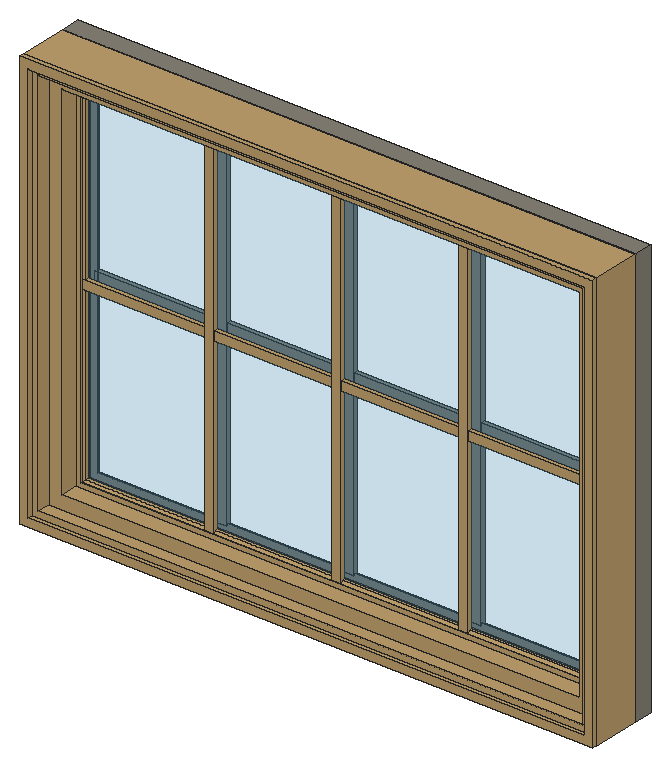
Revit family
Parameters (values of type "CUAWN4836")
  Window Type = "Clad Ultimate Awning Tripane"
  Vent Area = VO Width * VO Height  # 8.52221 SF
  VO Width = if(Width < 1' 8", Width - 0' 9 19/32", Width - 0' 7 7/64")  # 3' - 4 57/64"
  VO Height = Height - 0' 5 29/256"  # 2' - 6 3/256"
  URL = "www.marvin.com"
  Prairie Corner Width = 0' - 4"
  Prairie Corner Height = 0' - 4"
  Nominal Width = 4' - 0"
  Nominal Height = 3' - 0"
  Muntins Interior Material = Wood-Marvin-Pine
  Muntins Exterior Material = Aluminum-Marvin-Bronze
  Model = "CUAWN4836"
  Manufacturer = "Marvin Windows and Doors"
  Lites Wide Constraint = if(Nominal Width > 1' 4", Lites Wide, if(Lites Wide < 2, 1, 2))  # 4
  Lites Wide = 4
  Lites High Constraint = if(Nominal Height > 1' 4", Lites High, if(Lites High < 2, 1, 2))  # 2
  Lites High = 2
  Lite Cut Prairie 9 Constraint = if(and(Nominal Width > 1' 4", Nominal Height > 1' 4"), Lite Cut Prairie 9, 1 = 0)  # no
  Lite Cut Prairie 9 = no
  Lite Cut HV Grid = not(Lite Cut Prairie 9 Constraint)  # yes
  Label Visibility = no
  Interior Material = Wood-Marvin-Pine
  Glazing Material = Glass-Marvin-IG Low E II with Argon
  Glass Type = "IG Low E II with Argon - Tripane"
  Frame = "Aluminum Clad"
  Family created by = "www.rbuiltcomponents.com"
  Elev Swing Visibility [instance] = yes
  Rough Width = Width + 0' 1"  # 4' - 1"
  Rough Height = Height + 0' 0 1/2"  # 2' - 11 5/8"
  Muntins Interior Visibility = yes
  Muntins Exterior Visibility = yes
  Jamb Extension Visibility = yes
  Inset to Installation Flange [instance] = 0' - 1"
  Height = Nominal Height - 0' 0 7/8"  # 2' - 11 1/8"
  Design Pressure = "DP50"
  Description = "4836 AWNG"
  Default Head Height = 8' - 0"
  Wall Closure = (empty or 0)
  Width = Nominal Width  # 4' - 0"
  Daylight Area = DLO Width * DLO Height  # 8.58765 SF
  DLO Width = Width - 0' 5 13/16"  # 3' - 6 3/16"
  DLO Height = Height - 0' 5 13/16"  # 2' - 5 5/16"
  Cladding Material = Aluminum-Marvin-Bronze
  Assembly Code = ""
  Note To User = "All Lite Constraints Apply To Nominal Widths Or Heights < 1 - 6"  # constant formula
Reference planes (in)
  plane 1 "Center (Front/Back)": y = 0
  plane 2: z = 0
  plane 3 "Center (Left/Right)": x = -3
  plane 4 "Left": x = -27
  plane 5 "Right": x = 21
  plane 6 "Sill": z = 60.875
  plane 7 "Top": z = 96
  plane 8 "Inset": y = 2
  plane 9 "Glazing": y = 1.5
  plane 10 "Jamb Ext Face": y = -2.5625
  plane 11: z = 78.4375
  plane 12: y = -2.625
Forms (in)
  Sweep 1, solid, material "Aluminum-Marvin-Bronze" <- "Cladding Material"
    path origin (0, 1.5, 0) x (1, 0, 0) y (0, 0, 1)
      loop
        line (-27, 96) -> (-27, 60.875) -> (21, 60.875) -> (21, 96) -> (-27, 96)
    profile "Profile_Ext_Clad_Frame : Profile_Ext_Clad_Frame" origin (-27, 1.5, 78.4375) x (1, 0, 0) y (0, -1, 0)
      loop
        line (0, 0) -> (0, -1.59375) -> (0.52105, -1.59375) -> (0.60565, -0.38401) -> (2.696, -0.38401) -> (2.696, -0.2654) -> (2.896, -0.0654) -> (2.896, 0) -> (0, 0)
  Sweep 2, solid, material "Wood-Marvin-Pine" <- "Interior Material"
    path origin (0, 1.5, 0) x (1, 0, 0) y (0, 0, 1)
      loop
        line (-27, 96) -> (-27, 60.875) -> (21, 60.875) -> (21, 96) -> (-27, 96)
    profile "Profile_Int_Frame : Profile_Int_Frame" origin (-27, 1.5, 78.4375) x (1, 0, 0) y (0, -1, 0)
      loop
        line (0, 0) -> (2.208, 0) -> (2.208, 1.0035) -> (2.896, 1.0035) -> (2.896, 1.20016) -> (2.7085, 1.38766) -> (2.7085, 1.4875) -> (2.30184, 1.4875) -> (2.30184, 2.96164) -> (1.188, 2.96164) -> (1.188, 4.0625) -> (0, 4.0625) -> (0, 0)
  Extrusion 3, solid, material "Wood-Marvin-Pine" <- "Interior Material", visible <- "Jamb Extension Visibility", detail levels medium+fine
    sketch origin (0, -2.5625, 0) x (1, 0, 0) y (0, 0, 1)
      loop
        line (-27, 96) -> (-27, 60.875) -> (21, 60.875) -> (21, 96) -> (-27, 96)
      loop
        line (-26.3125, 61.5625) -> (20.3125, 61.5625) -> (20.3125, 95.3125) -> (-26.3125, 95.3125) -> (-26.3125, 61.5625)
    from 0.0625 to 0.4375
  Extrusion 4, solid, material "Glass-Marvin-IG Low E II with Argon" <- "Glazing Material"
    sketch origin (0, 1.5, 0) x (1, 0, 0) y (0, 0, 1)
      loop
        line (18.65625, 93.65625) -> (-24.65625, 93.65625) -> (-24.65625, 63.21875) -> (18.65625, 63.21875) -> (18.65625, 93.65625)
    from 0 to 0.125
  Extrusion 5, solid, material "Glass-Marvin-IG Low E II with Argon" <- "Glazing Material"
    sketch origin (0, 1.5, 0) x (1, 0, 0) y (0, 0, 1)
      loop
        line (18.65625, 93.65625) -> (-24.65625, 93.65625) -> (-24.65625, 63.21875) -> (18.65625, 63.21875) -> (18.65625, 93.65625)
    from 0.875 to 1
Lines and regions (in)
  Opening 1
    outline origin (-60, -3, 0) x (1, 0, 0) y (0, 0, 1)
      loop
        line (33, 96) -> (33, 60.875) -> (81, 60.875) -> (81, 96) -> (33, 96)
  Masking region 1
    outline origin (0, 0, 60.875) x (0, -1, 0) y (1, 0, 0)
      loop
        line (-3.09375, -27) -> (2.5625, -27) -> (2.5625, 21) -> (-3.09375, 21) -> (-3.09375, -27)
  Masking region 2
    outline origin (-3, 0, 0) x (0, 1, 0) y (0, 0, 1)
      loop
        line (3.09375, 96) -> (-2.5625, 96) -> (-2.5625, 60.875) -> (3.09375, 60.875) -> (3.09375, 96)
  Masking region 3, visible <- "Jamb Extension Visibility"
    outline origin (0, 0, 0) x (1, 0, 0) y (0, 1, 0)
      loop
        line (-27, -2.625) -> (-27, -3) -> (21, -3) -> (21, -2.625) -> (-27, -2.625)
  Masking region 4, visible <- "Jamb Extension Visibility"
    outline origin (-3, 0, 0) x (0, 1, 0) y (0, 0, 1)
      loop
        line (-2.625, 96) -> (-3, 96) -> (-3, 60.875) -> (-2.625, 60.875) -> (-2.625, 96)
  symbolic lines, style "Jamb Extension", visible <- "Jamb Extension Visibility", detail levels fine
    curve 1: line (-27, -3, 60.875) -> (-26.3125, -3, 60.875)
    curve 2: line (-26.3125, -3, 60.875) -> (-26.3125, -2.625, 60.875)
    curve 3: line (21, -3, 60.875) -> (20.3125, -3, 60.875)
    curve 4: line (20.3125, -3, 60.875) -> (20.3125, -2.625, 60.875)
    curve 5: line (-3, -3, 95.3125) -> (-3, -2.625, 95.3125)
    curve 6: line (-3, -3, 61.5625) -> (-3, -2.625, 61.5625)
  symbolic lines, style "WindowsFrameMullionProjection", detail levels coarse+medium
    curve 7: line (21, -2.5625, 0) -> (19.812, -2.5625, 0)
    curve 8: line (19.812, -2.5625, 0) -> (19.812, 3.09375, 0)
    curve 9: line (19.812, 3.09375, 0) -> (21, 3.09375, 0)
    curve 10: line (19.812, 1.88401, 0) -> (18.104, 1.88401, 0)
    curve 11: line (18.104, 1.88401, 0) -> (18.104, 0.0125, 0)
    curve 12: line (-25.812, 0.0125, 0) -> (-24.13337, 0.0125, 0)
    curve 13: line (-27, -2.5625, 0) -> (-25.812, -2.5625, 0)
    curve 14: line (-25.812, -2.5625, 0) -> (-25.812, 3.09375, 0)
    curve 15: line (-25.812, 3.09375, 0) -> (-27, 3.09375, 0)
    curve 16: line (-24.13337, 1.88401, 0) -> (-24.13337, 0.0125, 0)
    curve 17: line (-3, 3.09375, 96) -> (-3, 3.09375, 94.812)
    curve 18: line (-3, 3.09375, 94.812) -> (-3, -2.5625, 94.812)
    curve 19: line (-3, -2.5625, 94.812) -> (-3, -2.5625, 96)
    curve 20: line (-3, 1.875, 94.812) -> (-3, 1.875, 93.104)
    curve 21: line (-3, 1.875, 93.104) -> (-3, 0.00901, 93.104)
    curve 22: line (-3, 0.00901, 62.063) -> (-3, 0.00901, 63.771)
    curve 23: line (-3, 3.09375, 60.875) -> (-3, 3.09375, 62.063)
    curve 24: line (-3, 3.09375, 62.063) -> (-3, -2.5625, 62.063)
    curve 25: line (-3, -2.5625, 62.063) -> (-3, -2.5625, 60.875)
    curve 26: line (-3, 1.875, 63.771) -> (-3, 0.00901, 63.771)
    curve 29: line (18.104, 1.88401, 0) -> (-24.13337, 1.88401, 0)
    curve 30: line (18.104, 0.0125, 0) -> (19.812, 0.0125, 0)
    curve 31: line (-24.13337, 0.0125, 0) -> (18.104, 0.0125, 0)
    curve 32: line (-24.13337, 1.88401, 0) -> (-25.812, 1.88401, 0)
    curve 33: line (-3, 0.00901, 63.771) -> (-3, 0.00901, 93.104)
    curve 34: line (-3, 1.875, 63.771) -> (-3, 1.875, 62.063)
    curve 35: line (-3, 0.00901, 93.104) -> (-3, 0.00901, 94.812)
    curve 36: line (-3, 1.875, 93.104) -> (-3, 1.875, 63.771)
  symbolic lines, style "WindowsGlassProjection", detail levels coarse+medium
    curve 27: line (-3, 1.07151, 93.104) -> (-3, 1.07151, 63.771)
    curve 28: line (-24.13337, 1.07351, 0) -> (18.104, 1.07351, 0)
  symbolic lines, style "Elevation Swing", visible <- "Elev Swing Visibility"
    curve 37: line (20.37685, 0, 61.48065) -> (-3, 0, 95.39435)
    curve 38: line (-26.37685, 0, 61.48065) -> (-3, 0, 95.39435)
  symbolic lines, style "WindowsFrameMullionProjection"
    curve 39: line (-3, -2.5625, 62.063) -> (-3, -2.5625, 94.812)
    curve 40: line (-25.812, -2.5625, 60.875) -> (19.812, -2.5625, 60.875)
  symbolic lines, style "WindowsFrameMullionProjection", visible <- "Jamb Extension Visibility", detail levels coarse+medium
    curve 41: line (-26.3125, -2.625, 60.875) -> (-26.3125, -3, 60.875)
    curve 42: line (-26.3125, -3, 60.875) -> (-27, -3, 60.875)
    curve 43: line (20.3125, -2.625, 60.875) -> (20.3125, -3, 60.875)
    curve 44: line (20.3125, -3, 60.875) -> (21, -3, 60.875)
    curve 47: line (-3, -2.625, 95.3125) -> (-3, -3, 95.3125)
    curve 48: line (-3, -3, 95.3125) -> (-3, -3, 96)
    curve 49: line (-3, -2.625, 61.5625) -> (-3, -3, 61.5625)
    curve 50: line (-3, -3, 61.5625) -> (-3, -3, 60.875)
  symbolic lines, style "Jamb Extension", visible <- "Jamb Extension Visibility"
    curve 45: line (-3, -3, 61.5625) -> (-3, -3, 60.875)
    curve 46: line (-3, -3, 95.3125) -> (-3, -3, 96)
Text (in)
  text "EXTERIOR" at (-58.6888, 50.90694, 0), in view "Ref. Level"
  text "INTERIOR" at (-58.6888, -37.76638, 0), in view "Ref. Level"
  text "Exterior" at (0, 43.65631, 123.19604), in view "Left"
  text "Exterior" at (0, 18.29385, 125.04747), in view "Right"
Dimensions and locks (in)
  equal spacing: plane 4 "Left", plane 3 "Center (Left/Right)", plane 5 "Right"
  "Width": plane 4 "Left" to plane 5 "Right"
  "Height": plane 6 "Sill" to plane 7 "Top"
  "Inset to Installation Flange": host wall to plane 8 "Inset"
  locked: plane 9 "Glazing" to plane 8 "Inset" at 0.5
  locked: plane 10 "Jamb Ext Face" to plane 8 "Inset" at 4.5625
  locked: Extrusion 4 sketch curve to plane 5 "Right" at 2.34375
  locked: plane 4 "Left" to Extrusion 4 sketch curve at 2.34375
  locked: Extrusion 4 sketch curve to plane 7 "Top" at 2.34375
  locked: plane 6 "Sill" to Extrusion 4 sketch curve at 2.34375
  plane 8 "Inset" to curve 20 to curve 35 = 0' - 0 1/8" locked, 0' - 1.86599" locked
  equal spacing: curve 30, curve 10, plane 8 "Inset"
  locked: nested 3 to plane 9 "Glazing" at 1
  equal spacing: plane 6 "Sill", plane 11, plane 7 "Top"
  "Default Head Height": plane 2 to plane 7 "Top"
  locked: Extrusion 3 sketch curve to Extrusion 3 sketch curve at 0.6875  (x2)
  locked: Sweep 2 to Extrusion 3 sketch curve at 0.6875
  locked: plane 7 "Top" to Extrusion 3 sketch curve at 0.6875
  locked: nested 5 to host wall at 12.00106
  locked: Extrusion 5 sketch curve to plane 7 "Top" at 2.34375
  locked: Extrusion 5 sketch curve to plane 5 "Right" at 2.34375
  locked: plane 6 "Sill" to Extrusion 5 sketch curve at 2.34375
  locked: plane 4 "Left" to Extrusion 5 sketch curve at 2.34375
  locked: plane 9 "Glazing" to Extrusion 4 at 0.125
  locked: plane 9 "Glazing" to Extrusion 5 at 0.875
  locked: plane 9 "Glazing" to Extrusion 5 at 1
  locked: Extrusion 5 to Extrusion 5 at 0.125
  locked: plane 12 to plane 10 "Jamb Ext Face" at 0.0625
  aligned and locked: plane 7 "Top" to Opening 1 sketch curve
  aligned and locked: plane 6 "Sill" to Opening 1 sketch curve  (x2)
  aligned and locked: plane 5 "Right" to Opening 1 sketch curve
  aligned and locked: plane 4 "Left" to Opening 1 sketch curve
  aligned and locked: nested 1 to plane 3 "Center (Left/Right)"
  aligned and locked: plane 8 "Inset" to nested 1
  aligned and locked: host wall to curve 1
  aligned and locked: curve 3 to host wall
  aligned and locked: plane 7 "Top" to Sweep 1 sketch curve
  aligned and locked: Sweep 1 sketch curve to plane 6 "Sill"
  aligned and locked: plane 5 "Right" to Sweep 1 sketch curve
  aligned and locked: Sweep 1 sketch curve to plane 4 "Left"
  aligned and locked: Sweep 2 sketch curve to plane 4 "Left"
  aligned and locked: plane 5 "Right" to Sweep 2 sketch curve
  aligned and locked: plane 7 "Top" to Sweep 2 sketch curve
  aligned and locked: Sweep 2 sketch curve to plane 6 "Sill"
  aligned and locked: plane 6 "Sill" to nested 2
  aligned and locked: plane 8 "Inset" to nested 2
  aligned and locked: Extrusion 3 sketch curve to plane 6 "Sill"
  aligned and locked: plane 5 "Right" to Extrusion 3 sketch curve
  aligned and locked: plane 11 to nested 3
  aligned and locked: plane 9 "Glazing" to nested 4
  aligned and locked: nested 4 to plane 11
  aligned and locked: nested 4 to plane 3 "Center (Left/Right)"
  aligned and locked: plane 3 "Center (Left/Right)" to nested 3
  aligned and locked: plane 5 "Right" to Masking region 1 sketch curve
  aligned and locked: Masking region 1 sketch curve to plane 4 "Left"
  aligned and locked: Masking region 1 sketch curve to Sweep 1
  aligned and locked: Masking region 2 sketch curve to Sweep 1
  aligned and locked: plane 7 "Top" to Masking region 2 sketch curve
  aligned and locked: Masking region 2 sketch curve to plane 6 "Sill"
  aligned and locked: host wall to Extrusion 3
  aligned and locked: Sweep 1 to curve 15
  aligned and locked: curve 9 to Sweep 1
  aligned and locked: curve 23 to Sweep 1
  aligned and locked: curve 17 to Sweep 1
  aligned and locked: plane 3 "Center (Left/Right)" to nested 5
  aligned and locked: Extrusion 3 sketch curve to plane 4 "Left"
  aligned and locked: plane 7 "Top" to Extrusion 3 sketch curve
  aligned and locked: curve 5 to Extrusion 3
  aligned and locked: curve 2 to Extrusion 3
  aligned and locked: curve 4 to Extrusion 3
  aligned and locked: plane 10 "Jamb Ext Face" to curve 13
  aligned and locked: curve 7 to plane 10 "Jamb Ext Face"
  aligned and locked: curve 40 to curve 14
  aligned and locked: curve 40 to curve 8
  aligned and locked: plane 10 "Jamb Ext Face" to curve 40
  aligned and locked: plane 4 "Left" to curve 42
  aligned and locked: curve 41 to Extrusion 3
  aligned and locked: curve 42 to host wall
  aligned and locked: plane 5 "Right" to curve 44
  aligned and locked: Extrusion 3 to curve 43
  aligned and locked: host wall to curve 44
  aligned and locked: curve 25 to plane 10 "Jamb Ext Face"
  aligned and locked: curve 24 to curve 39
  aligned and locked: plane 6 "Sill" to curve 45
  aligned and locked: curve 45 to Extrusion 3
  aligned and locked: curve 45 to host wall
  aligned and locked: plane 10 "Jamb Ext Face" to curve 19
  aligned and locked: plane 7 "Top" to curve 46
  aligned and locked: plane 7 "Top" to curve 48
  aligned and locked: host wall to curve 48
  aligned and locked: Extrusion 3 to curve 47
  aligned and locked: plane 6 "Sill" to curve 50
  aligned and locked: curve 49 to Extrusion 3
  aligned and locked: Sweep 2 to curve 39
  aligned and locked: Extrusion 4 to plane 9 "Glazing"
  aligned and locked: Sweep 1 to curve 10
  aligned and locked: Sweep 1 to curve 32
  aligned and locked: curve 12 to Sweep 2
  aligned and locked: Sweep 2 to curve 30
  aligned and locked: curve 8 to nested 1
  aligned and locked: Sweep 2 to curve 14
  aligned and locked: Extrusion 3 to plane 12
  aligned and locked: plane 12 to curve 2
  aligned and locked: plane 12 to curve 41
  aligned and locked: plane 12 to curve 4
  aligned and locked: plane 12 to curve 43
  aligned and locked: plane 12 to curve 5
  aligned and locked: plane 12 to curve 47
  aligned and locked: plane 12 to curve 6
  aligned and locked: plane 12 to curve 49
  aligned and locked: plane 12 to Masking region 3 sketch curve
  aligned and locked: Masking region 3 sketch curve to host wall
  aligned and locked: Masking region 3 sketch curve to plane 4 "Left"
  aligned and locked: plane 5 "Right" to Masking region 3 sketch curve
  aligned and locked: plane 12 to Masking region 4 sketch curve
  aligned and locked: Masking region 4 sketch curve to host wall
  aligned and locked: plane 7 "Top" to Masking region 4 sketch curve
  aligned and locked: Masking region 4 sketch curve to plane 6 "Sill"
  aligned and locked: Masking region 1 sketch curve to plane 10 "Jamb Ext Face"
  aligned and locked: Masking region 2 sketch curve to plane 10 "Jamb Ext Face"
  aligned and locked: Sweep 1 to curve 37  (x2)
  aligned and locked: Sweep 1 to curve 38
  aligned and locked: curve 18 to Sweep 2
  aligned and locked: curve 24 to Sweep 2
  aligned and locked: curve 34 to nested 2
Automatic sketch dimensions
  curve 13 to plane 4 "Left" = 0' - 0"
  curve 15 to plane 4 "Left" = 0' - 0"
  curve 7 to plane 5 "Right" = 0' - 0"
  curve 9 to plane 5 "Right" = 0' - 0"
  plane 9 "Glazing" to curve 28 = 0' - 0.42649"
  curve 11 to curve 30 = 0' - 1.708"
  curve 1 to plane 4 "Left" = 0' - 0"
  curve 3 to plane 5 "Right" = 0' - 0"
  curve 25 to plane 6 "Sill" = 0' - 0"
  curve 23 to plane 6 "Sill" = 0' - 0"
  curve 17 to plane 7 "Top" = 0' - 0"
  curve 19 to plane 7 "Top" = 0' - 0"
  plane 9 "Glazing" to curve 27 = 0' - 0.42849"
  curve 22 to curve 26 = 0' - 1.708"
  curve 36 to curve 20 = 0' - 1.708"
  curve 12 to curve 16 = 0' - 1.67863"
  curve 37 to plane 3 "Center (Left/Right)" = 0' - 0"
  curve 38 to plane 4 "Left" = 0' - 0.62315"
  plane 5 "Right" to curve 37 = 0' - 0.62315"
Nested families (in)
  nested 1: "Casement_Plan_Detail" at (-3, 2, 60.875) x (-1, 0, 0) z (0, 0, -1), type "Casement_Plan_Detail", detail levels fine
    with Width 4' - 0"
  nested 2: "Casement_Section_Detail" at (-3, 2, 96) x (0, -1, 0) z (1, 0, 0), type "Casement_Section_Detail", detail levels fine
    with Height 2' - 11 1/8"
  nested 3: "Muntins" at (-3, 0.5, 27.78125), visible <- "Muntins Interior Visibility", Muntin Material <- "Muntins Interior Material", type "Muntins"
    with Muntin Material Wood-Marvin-Pine, GlazingWidth 3' - 6 3/16", GlazingHeight 2' - 5 5/16", Width 3' - 6 5/8", VerticalMuntins 3, LitesVertical 2, LitesHorizontal 4, HorizMuntVisible no, Height 2' - 5 3/4", Inset Vert 0' - 10 9/32", Inset Horiz 0' - 9.54167", CenterMuntinHorizontal yes
  nested 4: "Muntins" at (-3, 1.5, 27.78125), visible <- "Muntins Exterior Visibility", Muntin Material <- "Muntins Exterior Material", type "Muntins"
    with Muntin Material Aluminum-Marvin-Bronze, GlazingWidth 3' - 6 3/16", GlazingHeight 2' - 5 5/16", Width 3' - 6 5/8", VerticalMuntins 3, LitesVertical 2, LitesHorizontal 4, HorizMuntVisible no, Height 2' - 5 3/4", Inset Vert 0' - 10 9/32", Inset Horiz 0' - 9.54167", CenterMuntinHorizontal yes
  nested 5: "Label Annotation 1-16 w" at (-3, 15.00106, 0), visible <- "Label Visibility", type "Label Annotation 1-16 w"
Definition of nested family "Muntins"
  Parameters (values of type "Muntins")
    PrairieMuntVisible = no
    Prairie Corner Width = 0' - 4"
    Prairie Corner Height = 0' - 4"
    Muntin Extension = 0' - 0 7/16"
    GridMuntVisible = yes
    GlazingWidth = 2' - 0"
    GlazingHeight = 2' - 11 1/8"
    Width = GlazingWidth + Muntin Extension  # 2' - 0 7/16"
    VerticalMuntins = if(LitesHorizontal < 3, 2, LitesHorizontal - 1)  # 2
    VertMuntVisible = and(GridMuntVisible, LitesHorizontal > 2)  # yes
    MuntinWidth = 0' - 0 3/4"
    MuntinDepth [instance] = 0' - 0 3/8"
    Muntin Material [instance] = none
    LitesVertical = 3
    LitesHorizontal = 3
    HorizontalMuntins = if(LitesVertical < 3, 2, LitesVertical - 1)  # 2
    HorizMuntVisible = and(GridMuntVisible, LitesVertical > 2)  # yes
    Height = GlazingHeight + Muntin Extension  # 2' - 11 9/16"
    Inset Vert = if(LitesHorizontal < 3, (Width / 3) - (MuntinWidth / 2), (Width / LitesHorizontal) - (MuntinWidth / 2))  # 0' - 7.77083"
    Inset Horiz = if(LitesVertical < 3, (Height / 3) - (MuntinWidth / 2), (Height / LitesVertical) - (MuntinWidth / 2))  # 0' - 11.47917"
    CenterMuntinVertical = and(GridMuntVisible, LitesHorizontal = 2)  # no
    CenterMuntinHorizontal = and(GridMuntVisible, LitesVertical = 2)  # no
    Assembly Code = ""
  Reference planes (in)
    plane 1 "Center (Front/Back)": y = 0
    plane 2: z = 0
    plane 3 "Center (Left/Right)": x = 0
    plane 4: z = 35.78125
    plane 5: z = 53.5625
    plane 6: z = 71.34375
    plane 7: z = 59.86458
    plane 8: z = 47.26042
    plane 9: z = 71.125
    plane 10: z = 36
    plane 11: x = -12
    plane 12: x = 12
    plane 13: x = -4.44792
    plane 14: x = -12.21875
    plane 15: x = 12.21875
    plane 16: x = 4.44792
    plane 17: z = 67.125
    plane 18: z = 40
    plane 19: x = -8
    plane 20: x = 8
  Forms (in)
    Extrusion 1, solid, material <- "Muntin Material", visible <- "CenterMuntinVertical", detail levels medium+fine
      sketch origin (9, 0, 0) x (1, 0, 0) y (0, 0, 1)
        loop
          line (-9.375, 71.34375) -> (-9.375, 35.78125) -> (-8.625, 35.78125) -> (-8.625, 71.34375) -> (-9.375, 71.34375)
      from 0 to 0.375 <- "MuntinDepth"
    Extrusion 2, solid, material <- "Muntin Material", visible <- "CenterMuntinHorizontal", detail levels medium+fine
      sketch origin (-0.0013, 0, 14.6875) x (1, 0, 0) y (0, 0, 1)
        loop
          line (-12.21745, 39.25) -> (-12.21745, 38.5) -> (12.22005, 38.5) -> (12.22005, 39.25) -> (-12.21745, 39.25)
      from 0 to 0.375 <- "MuntinDepth"
    Extrusion 3, solid, material <- "Muntin Material", visible <- "VertMuntVisible", detail levels medium+fine
      sketch origin (4.92708, 0, -2.90625) x (1, 0, 0) y (0, 0, 1)
        loop
          line (-9.375, 74.25) -> (-9.375, 38.6875) -> (-8.625, 38.6875) -> (-8.625, 74.25) -> (-9.375, 74.25)
      from 0 to 0.375 <- "MuntinDepth"
    Extrusion 4, solid, material <- "Muntin Material", visible <- "HorizMuntVisible", detail levels medium+fine
      sketch origin (-3.09635, 0, 14.17708) x (1, 0, 0) y (0, 0, 1)
        loop
          line (-9.1224, 45.6875) -> (-9.1224, 44.9375) -> (15.3151, 44.9375) -> (15.3151, 45.6875) -> (-9.1224, 45.6875)
      from 0 to 0.375 <- "MuntinDepth"
    Extrusion 5, solid, material <- "Muntin Material", visible <- "HorizMuntVisible", detail levels medium+fine
      sketch origin (-3.09635, 0, 2.32292) x (1, 0, 0) y (0, 0, 1)
        loop
          line (-9.1224, 45.6875) -> (-9.1224, 44.9375) -> (15.3151, 44.9375) -> (15.3151, 45.6875) -> (-9.1224, 45.6875)
      from 0 to 0.375 <- "MuntinDepth"
    Extrusion 6, solid, material <- "Muntin Material", visible <- "VertMuntVisible", detail levels medium+fine
      sketch origin (13.07292, 0, -2.90625) x (1, 0, 0) y (0, 0, 1)
        loop
          line (-9.375, 74.25) -> (-9.375, 38.6875) -> (-8.625, 38.6875) -> (-8.625, 74.25) -> (-9.375, 74.25)
      from 0 to 0.375 <- "MuntinDepth"
    Extrusion 7, solid, material <- "Muntin Material", visible <- "PrairieMuntVisible", detail levels medium+fine
      sketch origin (1, 0, 0) x (1, 0, 0) y (0, 0, 1)
        loop
          line (-9, 71.34375) -> (-9, 35.78125) -> (-8.25, 35.78125) -> (-8.25, 71.34375) -> (-9, 71.34375)
      from 0 to 0.375 <- "MuntinDepth"
    Extrusion 8, solid, material <- "Muntin Material", visible <- "PrairieMuntVisible", detail levels medium+fine
      sketch origin (17, 0, 0) x (1, 0, 0) y (0, 0, 1)
        loop
          line (-9.75, 71.34375) -> (-9.75, 35.78125) -> (-9, 35.78125) -> (-9, 71.34375) -> (-9.75, 71.34375)
      from 0 to 0.375 <- "MuntinDepth"
    Extrusion 9, solid, material <- "Muntin Material", visible <- "PrairieMuntVisible", detail levels medium+fine
      sketch origin (-0.0013, 0, 28.25) x (1, 0, 0) y (0, 0, 1)
        loop
          line (-12.21745, 38.875) -> (-12.21745, 38.125) -> (12.22005, 38.125) -> (12.22005, 38.875) -> (-12.21745, 38.875)
      from 0 to 0.375 <- "MuntinDepth"
    Extrusion 10, solid, material <- "Muntin Material", visible <- "PrairieMuntVisible", detail levels medium+fine
      sketch origin (-0.0013, 0, 1.125) x (1, 0, 0) y (0, 0, 1)
        loop
          line (-12.21745, 39.625) -> (-12.21745, 38.875) -> (12.22005, 38.875) -> (12.22005, 39.625) -> (-12.21745, 39.625)
      from 0 to 0.375 <- "MuntinDepth"
  Cuts and joins
    joined: Extrusion 7, Extrusion 8, Extrusion 9, Extrusion 10
  Lines and regions (in)
    model lines, style "Muntins", visible <- "CenterMuntinHorizontal", detail levels coarse
      curve 1: line (-12.21875, 0, 53.5625) -> (12.21875, 0, 53.5625)
    model lines, style "Muntins", visible <- "HorizMuntVisible", detail levels coarse
      curve 2: line (-12.21875, 0, 59.48958) -> (12.21875, 0, 59.48958)
      curve 3: line (-12.21875, 0, 47.63542) -> (12.21875, 0, 47.63542)
    model lines, style "Muntins", visible <- "CenterMuntinVertical", detail levels coarse
      curve 4: line (0, 0, 71.34375) -> (0, 0, 35.78125)
    model lines, style "Muntins", visible <- "VertMuntVisible", detail levels coarse
      curve 5: line (-4.07292, 0, 71.34375) -> (-4.07292, 0, 35.78125)
      curve 6: line (4.07292, 0, 71.34375) -> (4.07292, 0, 35.78125)
    model lines, style "Muntins", visible <- "PrairieMuntVisible", detail levels coarse
      curve 7: line (-12.21875, 0, 66.75) -> (12.21875, 0, 66.75)
      curve 8: line (-12.21875, 0, 40.375) -> (12.21875, 0, 40.375)
      curve 9: line (-7.625, 0, 35.78125) -> (-7.625, 0, 71.34375)
      curve 10: line (7.625, 0, 35.78125) -> (7.625, 0, 71.34375)
  Dimensions and locks (in)
    "Inset Horiz": plane 6 to plane 7
    "Inset Horiz": plane 8 to plane 4
    equal spacing: plane 6, plane 5, plane 4
    "Height": plane 6 to plane 4
    "GlazingHeight": plane 9 to plane 10
    equal spacing: plane 9, plane 5, plane 10
    "GlazingWidth": plane 12 to plane 11
    equal spacing: plane 12, plane 3 "Center (Left/Right)", plane 11
    "MuntinWidth": Extrusion 1 sketch curve to Extrusion 1 sketch curve
    "Height": Extrusion 1 sketch curve to Extrusion 1 sketch curve
    "MuntinWidth": Extrusion 2 sketch curve to Extrusion 2 sketch curve
    "Width": Extrusion 2 sketch curve to Extrusion 2 sketch curve
    "MuntinWidth": Extrusion 3 sketch curve to Extrusion 3 sketch curve
    "Height": Extrusion 3 sketch curve to Extrusion 3 sketch curve
    "Width": plane 15 to plane 14
    equal spacing: plane 15, plane 3 "Center (Left/Right)", plane 14
    "Inset Vert": plane 13 to plane 14
    "Inset Vert": plane 15 to plane 16
    "MuntinWidth": Extrusion 4 sketch curve to Extrusion 4 sketch curve
    "Width": Extrusion 4 sketch curve to Extrusion 4 sketch curve
    "MuntinWidth": Extrusion 5 sketch curve to Extrusion 5 sketch curve
    "Width": Extrusion 5 sketch curve to Extrusion 5 sketch curve
    group 2 to group 3 = 0' - 0"  (x2)
    group 3 to group 2 = 0' - 11.85417"
    "MuntinWidth": Extrusion 6 sketch curve to Extrusion 6 sketch curve
    "Height": Extrusion 6 sketch curve to Extrusion 6 sketch curve
    group 4 to group 5 = 0' - 8.14583"
    group 4 to group 5 = 0' - 0"  (x2)
    "Prairie Corner Width": plane 19 to plane 11
    "Prairie Corner Width": plane 20 to plane 12
    "Prairie Corner Height": plane 9 to plane 17
    "Prairie Corner Height": plane 18 to plane 10
    "MuntinWidth": Extrusion 7 sketch curve to Extrusion 7 sketch curve
    "Height": Extrusion 7 sketch curve to Extrusion 7 sketch curve
    "MuntinWidth": Extrusion 8 sketch curve to Extrusion 8 sketch curve
    "Height": Extrusion 8 sketch curve to Extrusion 8 sketch curve
    "MuntinWidth": Extrusion 9 sketch curve to Extrusion 9 sketch curve
    "Width": Extrusion 9 sketch curve to Extrusion 9 sketch curve
    "MuntinWidth": Extrusion 10 sketch curve to Extrusion 10 sketch curve
    "Width": Extrusion 10 sketch curve to Extrusion 10 sketch curve
    aligned and locked: plane 6 to Extrusion 1  (x2)
    aligned and locked: Extrusion 1 to plane 4  (x3)
    aligned and locked: Extrusion 3 to plane 13  (x5)
    aligned and locked: Extrusion 3 to plane 4  (x3)
    aligned and locked: Extrusion 2 to plane 14
    aligned and locked: plane 15 to Extrusion 2
    aligned and locked: plane 6 to Extrusion 3
    aligned and locked: plane 7 to Extrusion 4
    aligned and locked: Extrusion 4 to plane 14
    aligned and locked: plane 15 to Extrusion 4
    aligned and locked: curve 1 to plane 5
    aligned and locked: plane 14 to curve 1
    aligned and locked: plane 15 to curve 1
    aligned and locked: Extrusion 5 to plane 14
    aligned and locked: Extrusion 5 to plane 8
    aligned and locked: plane 15 to Extrusion 5
    aligned and locked: Extrusion 5 to curve 3  (x2)
    aligned and locked: Extrusion 4 to curve 2  (x2)
    aligned and locked: curve 4 to plane 3 "Center (Left/Right)"
    aligned and locked: Extrusion 1 to curve 4  (x2)
    aligned and locked: Extrusion 3 to curve 5  (x2)
    aligned and locked: Extrusion 6 to curve 6  (x2)
    aligned and locked: Extrusion 6 to plane 16
    aligned and locked: plane 6 to Extrusion 6
    aligned and locked: plane 6 to curve 6
    aligned and locked: Extrusion 6 to plane 4
    aligned and locked: plane 4 to curve 6
    aligned and locked: cut or joined group of Extrusion 7, Extrusion 8, Extrusion 9, Extrusion 10 to plane 19
    aligned and locked: plane 20 to cut or joined group of Extrusion 7, Extrusion 8, Extrusion 9, Extrusion 10
    aligned and locked: plane 17 to cut or joined group of Extrusion 7, Extrusion 8, Extrusion 9, Extrusion 10
    aligned and locked: cut or joined group of Extrusion 7, Extrusion 8, Extrusion 9, Extrusion 10 to plane 18
    aligned and locked: cut or joined group of Extrusion 7, Extrusion 8, Extrusion 9, Extrusion 10 to curve 7  (x2)
    aligned and locked: cut or joined group of Extrusion 7, Extrusion 8, Extrusion 9, Extrusion 10 to curve 8  (x2)
    aligned and locked: cut or joined group of Extrusion 7, Extrusion 8, Extrusion 9, Extrusion 10 to curve 9  (x2)
    aligned and locked: cut or joined group of Extrusion 7, Extrusion 8, Extrusion 9, Extrusion 10 to curve 10  (x2)
  Automatic sketch dimensions
    Extrusion 1 sketch curve to plane 4 = 0' - 0"
    Extrusion 1 sketch curve to plane 3 "Center (Left/Right)" = 0' - 0 3/8"
    Extrusion 2 sketch curve to plane 14 = 0' - 0"
    Extrusion 2 sketch curve to plane 5 = 0' - 0 3/8"
    Extrusion 7 sketch curve to plane 4 = 0' - 0"
    Extrusion 7 sketch curve to plane 19 = 0' - 0"
    Extrusion 8 sketch curve to plane 4 = 0' - 0"
    Extrusion 8 sketch curve to plane 20 = 0' - 0 3/4"
    Extrusion 9 sketch curve to plane 14 = 0' - 0"
    Extrusion 9 sketch curve to plane 17 = 0' - 0 3/4"
    Extrusion 10 sketch curve to plane 14 = 0' - 0"
    Extrusion 10 sketch curve to plane 18 = 0' - 0"
    plane 19 to curve 9 = 0' - 0 3/8"
    curve 10 to plane 20 = 0' - 0 3/8"
    plane 18 to curve 8 = 0' - 0 3/8"
    curve 7 to plane 17 = 0' - 0 3/8"
Definition of nested family "Casement_Plan_Detail"
  Parameters (values of type "Casement_Plan_Detail")
    Width = 3' - 0"
    Assembly Code = ""
  Reference planes (in)
    plane 1 "Center (Front/Back)": y = 0
    plane 2: z = 0
    plane 3 "Center (Left/Right)": x = 0
    plane 4: x = -18
    plane 5: x = 18
  Lines and regions (in)
    detail lines, style "Cut Lines", in view "Ref. Level"
      curve 1: line (-15.647, -0.94049, 0) -> (15.647, -0.94049, 0)
      curve 2: line (-15.647, -1.06549, 0) -> (15.647, -1.06549, 0)
      curve 3: line (-15.647, -1.37799, 0) -> (15.647, -1.37799, 0)
      curve 4: line (-15.647, -1.50299, 0) -> (15.647, -1.50299, 0)
      curve 6: line (-15.647, -0.62799, 0) -> (15.647, -0.62799, 0)
      curve 7: line (-15.647, -0.50299, 0) -> (15.647, -0.50299, 0)
    detail lines, style "DetailComponentsHiddenLines", in view "Ref. Level"
      curve 5: line (-14.92484, -2.36899, 0) -> (14.96084, -2.36899, 0)
  Dimensions and locks (in)
    equal spacing: plane 4, plane 3 "Center (Left/Right)", plane 5
    "Width": plane 4 to plane 5
    aligned and locked: plane 1 "Center (Front/Back)" to nested 1
    aligned and locked: nested 1 to plane 4
    aligned and locked: plane 5 to nested 2
    aligned and locked: nested 2 to plane 1 "Center (Front/Back)"
    aligned and locked: nested 2 to nested 2
    aligned and locked: nested 1 to curve 5
    aligned and locked: curve 3 to nested 1  (x2)
    aligned and locked: nested 1 to curve 4
    aligned and locked: curve 2 to nested 1  (x2)
    aligned and locked: curve 1 to nested 1  (x2)
    aligned and locked: curve 6 to nested 1  (x2)
    aligned and locked: curve 7 to nested 1  (x2)
    aligned and locked: curve 4 to nested 1
    aligned and locked: nested 2 to curve 4
    aligned and locked: curve 3 to nested 2
    aligned and locked: curve 2 to nested 2
    aligned and locked: curve 1 to nested 2
    aligned and locked: curve 6 to nested 2
    aligned and locked: curve 7 to nested 2
  Automatic sketch dimensions
    curve 5 to curve 4 = 0' - 0.68616"
    curve 5 to curve 4 = 0' - 0.866"
  Nested families (in)
    nested 1: "Jamb_Detail" at (-18, 0, 0), type "Jamb_Detail", in view "Ref. Level"
    nested 2: "Jamb_Detail" at (18, 0, 0) x (-1, 0, 0) z (0, 0, 1), type "Jamb_Detail", in view "Ref. Level"
  Definition of nested family "Jamb_Detail"
    Parameters (values of type "Jamb_Detail")
      Assembly Code = ""
    Reference planes (in)
      plane 1 "Center (Front/Back)": y = 0
      plane 2: z = 0
      plane 3 "Center (Left/Right)": x = 0
    Lines and regions (in)
      detail lines, style "Cut Lines", in view "Ref. Level"
        curve 1: line (0, 4.56199, 0) -> (1.188, 4.56199, 0)
        curve 2: line (0, -1.09401, 0) -> (0, 4.56199, 0)
        curve 3: line (1.188, 4.56199, 0) -> (1.188, 0.52099, 0)
        curve 4: line (0.52105, -1.09401, 0) -> (0, -1.09401, 0)
        curve 5: line (0.637, 0.56409, 0) -> (0.52105, -1.09401, 0)
        curve 6: line (0.637, 0.56409, 0) -> (0.637, 1.98699, 0)
        curve 7: line (-1.5, 0, 0) -> (-0.15, 0, 0)
        curve 8: line (0, -0.04501, 0) -> (-1.5, -0.04501, 0)
        curve 9: line (-1.5, -0.04501, 0) -> (-1.5, 0, 0)
        curve 10: line (-0.15, 0.10999, 0) -> (0, 0.10999, 0)
        curve 11: line (-0.15, 0, 0) -> (-0.15, 0.10999, 0)
        curve 12: line (1.188, 3.46342, 0) -> (2.115, 3.46342, 0)
        curve 13: line (2.115, 3.46342, 0) -> (2.115, 2.86577, 0)
        curve 14: line (2.30184, 2.86577, 0) -> (2.30184, 2.34399, 0)
        curve 15: line (2.489, 2.34399, 0) -> (2.489, 1.98699, 0)
        curve 16: line (2.115, 2.86577, 0) -> (2.30184, 2.86577, 0)
        curve 17: line (0.805, 0.52099, 0) -> (1.188, 0.52099, 0)
        curve 18: line (0.805, 0.125, 0) -> (0.805, 0.52099, 0)
        curve 19: line (2.696, 0.125, 0) -> (0.805, 0.125, 0)
        curve 20: line (2.696, 0.24361, 0) -> (2.696, 0.125, 0)
        curve 21: line (2.896, 0.44361, 0) -> (2.696, 0.24361, 0)
        curve 22: line (2.208, 0.47297, 0) -> (2.896, 0.47297, 0)
        curve 23: line (2.208, 1.50299, 0) -> (2.208, 0.47297, 0)
        curve 24: line (2.896, 1.50299, 0) -> (2.208, 1.50299, 0)
        curve 25: line (2.896, 1.67399, 0) -> (2.896, 1.50299, 0)
        curve 26: line (2.677, 1.98699, 0) -> (2.677, 1.89299, 0)
        curve 27: line (0.637, 1.98699, 0) -> (2.677, 1.98699, 0)
        curve 28: line (2.896, 0.47297, 0) -> (2.896, 0.44361, 0)
        curve 29: line (2.677, 1.89299, 0) -> (2.896, 1.67399, 0)
        curve 30: line (2.30184, 2.71899, 0) -> (2.98516, 2.71899, 0)
        curve 31: line (2.88116, 2.34399, 0) -> (2.30184, 2.34399, 0)
        curve 32: line (2.88116, 2.57074, 0) -> (2.88116, 2.34399, 0)
        curve 33: line (3.00316, 2.57074, 0) -> (2.88116, 2.57074, 0)
        curve 34: line (3.07516, 2.61899, 0) -> (3.07516, 2.36799, 0)
        curve 35: line (3.00316, 2.36799, 0) -> (3.00316, 2.57074, 0)
        curve 36: line (3.00316, 2.36799, 0) -> (3.07516, 2.36799, 0)
        curve 37: line (2.98516, 2.71899, 0) -> (2.98516, 2.61899, 0)
        curve 38: line (2.98516, 2.61899, 0) -> (3.07516, 2.61899, 0)
        curve 39: line (2.353, 1.37799, 0) -> (2.353, 1.50299, 0)
        curve 40: line (2.42675, 1.06549, 0) -> (2.42675, 1.37799, 0)
        curve 41: line (2.67675, 1.06549, 0) -> (2.67675, 1.37799, 0)
        curve 42: line (2.353, 0.50299, 0) -> (2.353, 0.62799, 0)
        curve 43: line (2.353, 0.94049, 0) -> (2.353, 1.06549, 0)
        curve 44: line (2.42675, 0.62799, 0) -> (2.42675, 0.94049, 0)
        curve 45: line (2.67675, 0.62799, 0) -> (2.67675, 0.94049, 0)
Definition of nested family "Casement_Section_Detail"
  Parameters (values of type "Casement_Section_Detail")
    Height = 3' - 11 1/8"
    Assembly Code = ""
  Reference planes (in)
    plane 1 "Center (Front/Back)": y = 0
    plane 2: z = 0
    plane 3 "Center (Left/Right)": x = 0
    plane 4: y = 47.125
  Lines and regions (in)
    detail lines, style "Cut Lines", in view "Ref. Level"
      curve 1: line (0.94049, 44.772, 0) -> (0.94049, 2.353, 0)
      curve 2: line (1.06549, 44.772, 0) -> (1.06549, 2.353, 0)
      curve 3: line (1.37799, 44.772, 0) -> (1.37799, 2.353, 0)
      curve 4: line (1.50299, 44.772, 0) -> (1.50299, 2.353, 0)
      curve 6: line (0.62799, 44.772, 0) -> (0.62799, 2.353, 0)
      curve 7: line (0.50299, 44.772, 0) -> (0.50299, 2.353, 0)
    detail lines, style "DetailComponentsHiddenLines", in view "Ref. Level"
      curve 5: line (2.36799, 3.28429, 0) -> (2.36799, 44.04984, 0)
  Dimensions and locks (in)
    "Height": plane 4 to plane 1 "Center (Front/Back)"
    aligned and locked: plane 1 "Center (Front/Back)" to nested 1
    aligned and locked: plane 3 "Center (Left/Right)" to nested 1
    aligned and locked: nested 2 to plane 4
    aligned and locked: plane 3 "Center (Left/Right)" to nested 2
    aligned and locked: nested 1 to curve 5  (x2)
    aligned and locked: nested 2 to curve 5
    aligned and locked: nested 1 to curve 4
    aligned and locked: curve 3 to nested 1  (x2)
    aligned and locked: curve 2 to nested 1  (x2)
    aligned and locked: curve 1 to nested 1  (x2)
    aligned and locked: curve 6 to nested 1  (x2)
    aligned and locked: curve 7 to nested 1  (x2)
    aligned and locked: curve 4 to nested 1
    aligned and locked: nested 2 to curve 4
    aligned and locked: curve 3 to nested 2
    aligned and locked: curve 2 to nested 2
    aligned and locked: curve 1 to nested 2
    aligned and locked: curve 6 to nested 2
    aligned and locked: curve 7 to nested 2
  Nested families (in)
    nested 1: "Sill_Detail" at (0, 0, 0), type "Sill_Detail", in view "Ref. Level"
    nested 2: "Head_Detail" at (0, 47.125, 0), type "Head_Detail", in view "Ref. Level"
  Definition of nested family "Sill_Detail"
    Parameters (values of type "Sill_Detail")
      Assembly Code = ""
    Reference planes (in)
      plane 1 "Center (Front/Back)": y = 0
      plane 2: z = 0
      plane 3 "Center (Left/Right)": x = 0
    Lines and regions (in)
      detail lines, style "Cut Lines", in view "Ref. Level"
        curve 1: line (4.56199, 0, 0) -> (4.56199, 1.188, 0)
        curve 2: line (-1.09401, 0, 0) -> (4.56199, 0, 0)
        curve 3: line (4.56199, 1.188, 0) -> (0.52099, 1.188, 0)
        curve 4: line (-1.09401, 0.52105, 0) -> (-1.09401, 0, 0)
        curve 5: line (0.56409, 0.637, 0) -> (-1.09401, 0.52105, 0)
        curve 6: line (0.56409, 0.637, 0) -> (1.98699, 0.637, 0)
        curve 7: line (0, -1.5, 0) -> (0, -0.15, 0)
        curve 8: line (-0.04501, 0, 0) -> (-0.04501, -1.5, 0)
        curve 9: line (-0.04501, -1.5, 0) -> (0, -1.5, 0)
        curve 10: line (0.10999, -0.15, 0) -> (0.10999, 0, 0)
        curve 11: line (0, -0.15, 0) -> (0.10999, -0.15, 0)
        curve 12: line (3.46342, 1.188, 0) -> (3.46342, 2.51098, 0)
        curve 13: line (3.46342, 2.51098, 0) -> (1.98699, 2.51098, 0)
        curve 14: line (1.50299, 2.896, 0) -> (1.50299, 2.208, 0)
        curve 15: line (1.67399, 2.896, 0) -> (1.50299, 2.896, 0)
        curve 16: line (1.98699, 2.677, 0) -> (1.89299, 2.677, 0)
        curve 17: line (1.98699, 0.637, 0) -> (1.98699, 2.677, 0)
        curve 18: line (1.89299, 2.677, 0) -> (1.67399, 2.896, 0)
        curve 19: line (2.71899, 2.51098, 0) -> (2.71899, 3.19429, 0)
        curve 20: line (2.34399, 3.09029, 0) -> (2.34399, 2.51098, 0)
        curve 21: line (2.57074, 3.09029, 0) -> (2.34399, 3.09029, 0)
        curve 22: line (2.57074, 3.21229, 0) -> (2.57074, 3.09029, 0)
        curve 23: line (2.61899, 3.28429, 0) -> (2.36799, 3.28429, 0)
        curve 24: line (2.36799, 3.21229, 0) -> (2.57074, 3.21229, 0)
        curve 25: line (2.36799, 3.21229, 0) -> (2.36799, 3.28429, 0)
        curve 26: line (2.71899, 3.19429, 0) -> (2.61899, 3.19429, 0)
        curve 27: line (2.61899, 3.19429, 0) -> (2.61899, 3.28429, 0)
        curve 28: line (0.52099, 0.805, 0) -> (0.52099, 1.188, 0)
        curve 29: line (0.125, 0.805, 0) -> (0.52099, 0.805, 0)
        curve 30: line (0.125, 2.696, 0) -> (0.125, 0.805, 0)
        curve 31: line (0.24361, 2.696, 0) -> (0.125, 2.696, 0)
        curve 32: line (0.44361, 2.896, 0) -> (0.24361, 2.696, 0)
        curve 33: line (0.47297, 2.208, 0) -> (0.47297, 2.896, 0)
        curve 34: line (1.50299, 2.208, 0) -> (0.47297, 2.208, 0)
        curve 35: line (0.47297, 2.896, 0) -> (0.44361, 2.896, 0)
        curve 36: line (1.37799, 2.353, 0) -> (1.50299, 2.353, 0)
        curve 37: line (1.06549, 2.42675, 0) -> (1.37799, 2.42675, 0)
        curve 38: line (1.06549, 2.67675, 0) -> (1.37799, 2.67675, 0)
        curve 39: line (0.50299, 2.353, 0) -> (0.62799, 2.353, 0)
        curve 40: line (0.94049, 2.353, 0) -> (1.06549, 2.353, 0)
        curve 41: line (0.62799, 2.42675, 0) -> (0.94049, 2.42675, 0)
        curve 42: line (0.62799, 2.67675, 0) -> (0.94049, 2.67675, 0)
  Definition of nested family "Head_Detail"
    Parameters (values of type "Head_Detail")
      Assembly Code = ""
    Reference planes (in)
      plane 1 "Center (Front/Back)": y = 0
      plane 2: z = 0
      plane 3 "Center (Left/Right)": x = 0
    Lines and regions (in)
      detail lines, style "Cut Lines", in view "Ref. Level"
        curve 1: line (4.56199, 0, 0) -> (4.56199, -1.188, 0)
        curve 2: line (-1.09401, 0, 0) -> (4.56199, 0, 0)
        curve 3: line (4.56199, -1.188, 0) -> (0.52099, -1.188, 0)
        curve 4: line (-1.09401, -0.52105, 0) -> (-1.09401, 0, 0)
        curve 5: line (0.56409, -0.637, 0) -> (-1.09401, -0.52105, 0)
        curve 6: line (0.56409, -0.637, 0) -> (1.98699, -0.637, 0)
        curve 7: line (0, 1.5, 0) -> (0, 0.15, 0)
        curve 8: line (-0.04501, 0, 0) -> (-0.04501, 1.5, 0)
        curve 9: line (-0.04501, 1.5, 0) -> (0, 1.5, 0)
        curve 10: line (0.10999, 0.15, 0) -> (0.10999, 0, 0)
        curve 11: line (0, 0.15, 0) -> (0.10999, 0.15, 0)
        curve 12: line (3.46342, -1.188, 0) -> (3.46342, -2.30184, 0)
        curve 13: line (3.46342, -2.30184, 0) -> (2.34399, -2.30184, 0)
        curve 14: line (2.34399, -2.489, 0) -> (1.98699, -2.489, 0)
        curve 15: line (1.50299, -2.896, 0) -> (1.50299, -2.208, 0)
        curve 16: line (1.67399, -2.896, 0) -> (1.50299, -2.896, 0)
        curve 17: line (1.98699, -2.677, 0) -> (1.89299, -2.677, 0)
        curve 18: line (1.98699, -0.637, 0) -> (1.98699, -2.677, 0)
        curve 19: line (1.89299, -2.677, 0) -> (1.67399, -2.896, 0)
        curve 20: line (2.71899, -2.30184, 0) -> (2.71899, -2.98516, 0)
        curve 21: line (2.34399, -2.88116, 0) -> (2.34399, -2.30184, 0)
        curve 22: line (2.57074, -2.88116, 0) -> (2.34399, -2.88116, 0)
        curve 23: line (2.57074, -3.00316, 0) -> (2.57074, -2.88116, 0)
        curve 24: line (2.61899, -3.07516, 0) -> (2.36799, -3.07516, 0)
        curve 25: line (2.36799, -3.00316, 0) -> (2.57074, -3.00316, 0)
        curve 26: line (2.36799, -3.00316, 0) -> (2.36799, -3.07516, 0)
        curve 27: line (2.71899, -2.98516, 0) -> (2.61899, -2.98516, 0)
        curve 28: line (2.61899, -2.98516, 0) -> (2.61899, -3.07516, 0)
        curve 29: line (0.52099, -0.805, 0) -> (0.52099, -1.188, 0)
        curve 30: line (0.125, -0.805, 0) -> (0.52099, -0.805, 0)
        curve 31: line (0.125, -2.696, 0) -> (0.125, -0.805, 0)
        curve 32: line (0.24361, -2.696, 0) -> (0.125, -2.696, 0)
        curve 33: line (0.44361, -2.896, 0) -> (0.24361, -2.696, 0)
        curve 34: line (0.47297, -2.208, 0) -> (0.47297, -2.896, 0)
        curve 35: line (1.50299, -2.208, 0) -> (0.47297, -2.208, 0)
        curve 36: line (0.47297, -2.896, 0) -> (0.44361, -2.896, 0)
        curve 37: line (1.37799, -2.353, 0) -> (1.50299, -2.353, 0)
        curve 38: line (1.06549, -2.42675, 0) -> (1.37799, -2.42675, 0)
        curve 39: line (1.06549, -2.67675, 0) -> (1.37799, -2.67675, 0)
        curve 40: line (0.50299, -2.353, 0) -> (0.62799, -2.353, 0)
        curve 41: line (0.94049, -2.353, 0) -> (1.06549, -2.353, 0)
        curve 42: line (0.62799, -2.42675, 0) -> (0.94049, -2.42675, 0)
        curve 43: line (0.62799, -2.67675, 0) -> (0.94049, -2.67675, 0)
Definition of nested family "Label Annotation 1-16 w"
  Parameters
    Label = ""
    Egress Info = ""
    Description = "3040 Csmt"
  Reference planes (in)
    plane 1: y = 0
    plane 2: x = 0
  Text (in)
    label "Description Egress Info" at (0.00375, -0.00345, 0), shows "Description", "Egress Info"
